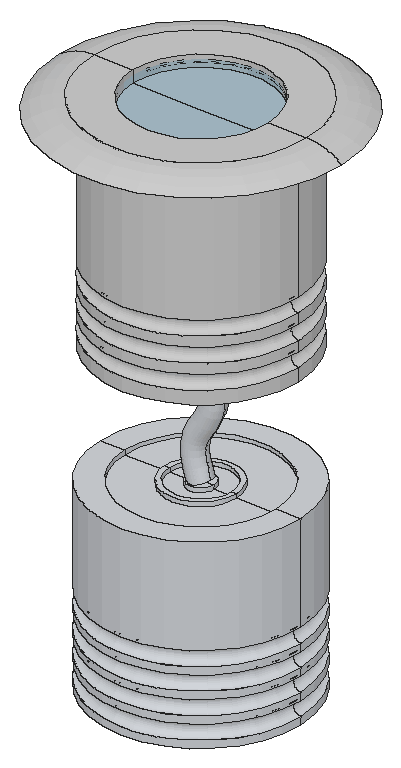
Revit family "SLIM INGROUND 2W SIMETRICO_LKB0126WW.30", category Luminarias, Revit 2019
Family settings
  Cota de conector redondo = Diámetro de uso
  Tipo de pieza = Normal
  Se basa en plano de trabajo = Sí
  Siempre vertical = No
  Corte con vacíos al cargar = No
  Origen de luz = Sí
  Compartido = No
  Punto de cálculo de habitación = No
Parameters (values of type "EMP_LKB0126WW.30")
  Ángulo de inclinación = 30.00°
  Ángulo de enfoque = 30.00°
  Ángulo de campo de foco = 30.00°
  Zone [instance] = ""
  Watt per fixture = 3.2
  Wattage = 3.2 W
  built-in parameter 1150107 = 3000 (stored number, unit not read)
  built-in parameter 1150110 = 1 (stored number, unit not read)
  built-in parameter 1150109 = 1 (stored number, unit not read)
  built-in parameter 1150112 = 1 (stored number, unit not read)
  built-in parameter 1150113 = 1 (stored number, unit not read)
  built-in parameter 1114218 = 1 (stored number, unit not read)
  Keynote = ""
  built-in parameter 1150137 = (empty or 0)
  built-in parameter 1150132 = (empty or 0)
  Modelo = "LKB0126WW.30"
  Lámpara = "OSRAM"
  Longitud de símbolo de origen de luz = 500 mm
  built-in parameter 1150105 = 710.75 (stored number, unit not read)
  built-in parameter 1150102 = (empty or 0)
  built-in parameter 1150106 = 7.1075 (stored number, unit not read)
  Lumens = 109.984 lm
  Color Filter = 16777215
  built-in parameter 1114217 = 1 (stored number, unit not read)
  built-in parameter 1150139 = (empty or 0)
  Fabricante = "BRILLANT"
  Default Elevation = 0 mm
  built-in parameter 1150104 = 3.1931 (stored number, unit not read)
  Descripción = "LUMINARIA TIPO CIRCULAR PARA EMPOTRAR EN PISO CON CUERPO DE ALUMINIO FUNDIDO A PRESION CUBIERTO CON POLVO GRIS OSCURO, CON CUBIERTA DE ACERO INOXIDABLE Y VIDRIO TEMPLADO DE 7MM, INSTALACION EMPOTRABLE EN PISO CON POCO ESPACIO, USO PARA INTERIORES COMO EXTERIORES CON IP 67, CUENTA CON 1 LED TIPO OSRAM CON UNA POTENCIA TOTAL DE 3.2W, A UNA TEMPERATURA EN BLANCO CALIDO 3000K CON 110 LUMENES, 46mA EN CORRIENTE DE OPERACIÓN, IK08, IRC 80, DISPONIBLE PARA ATENUAR EN TRIAC, APERTURA EN 30 GRADOS EN STOCK, ALIMENTADA A 100-240V"
  built-in parameter 1150115 = 1 (stored number, unit not read)
  built-in parameter 1150114 = 1 (stored number, unit not read)
  Comentarios de vataje = "100-240V"
  built-in parameter 1150138 = (empty or 0)
  built-in parameter 1150134 = (empty or 0)
  Circuit [instance] = ""
  Dimming Lamp Color Temperature Shift = (empty or 0)
  built-in parameter 1150133 = 10 (stored number, unit not read)
Reference planes
  plane 1 "Centro (Frontal/Posterior)": y = 0
  plane 2: z = 0
  plane 3 "Centro (Izquierda/Derecha)": x = 0
  plane 4: z = -43
  plane 5: z = -43
Forms (mm)
  Revolve 1, solid, material "Acero Inoxidable"
    sketch origin (0, 0, 0) x (1, 0, 0) y (0, 0, 1)
      loop
        line (-13.888, 2.379) -> (-21.807, 2.379)
        arc (-21.807, 2.379) -> (-25.595, 1.769) -> (-29, 0) r 12.065
        line (-29, 0) -> (-20, 0) -> (-20, -27.422)
        arc (-20, -27.422) -> (-18.501, -28.92) -> (-20, -30.419) r 1.499
        line (-20, -30.419) -> (-20, -32.422)
        arc (-20, -32.422) -> (-18.501, -33.92) -> (-20, -35.419) r 1.499
        line (-20, -35.419) -> (-20, -37.422)
        arc (-20, -37.422) -> (-18.501, -38.92) -> (-20, -40.419) r 1.499
        line (-20, -40.419) -> (-20, -43) -> (0, -43) -> (0, 0) -> (-13.888, 0) -> (-13.888, 2.379)
      axis (0, 2.379) -> (0, -43)
    angle from 0 to 360
  Extrusion 2, solid, material "Cristal"
    sketch origin (0, 0, 0) x (1, 0, 0) y (0, 1, 0)
      loop
        circle (0, 0) r 13.888
    from 0.921 to 1.499
  Revolve 3, solid
    sketch origin (0, 0, 0) x (1, 0, 0) y (0, 0, 1)
      loop
        line (0, -68) -> (-2.74, -68) -> (-2.74, -68.8) -> (-6.359, -68.8) -> (-6.359, -68) -> (-7.33, -68) -> (-7.33, -68.8) -> (-15.5, -68.8) -> (-15.5, -68) -> (-20.5, -68) -> (-20.5, -87.886)
        arc (-20.5, -87.886) -> (-19, -89.386) -> (-20.5, -90.886) r 1.5
        line (-20.5, -90.886) -> (-20.5, -92.386)
        arc (-20.5, -92.386) -> (-19, -93.886) -> (-20.5, -95.386) r 1.5
        line (-20.5, -95.386) -> (-20.5, -96.886)
        arc (-20.5, -96.886) -> (-19, -98.386) -> (-20.5, -99.886) r 1.5
        line (-20.5, -99.886) -> (-20.5, -101.386)
        arc (-20.5, -101.386) -> (-19, -102.886) -> (-20.5, -104.386) r 1.5
        line (-20.5, -104.386) -> (-20.5, -105.886) -> (-5.287, -105.886) -> (-5.287, -106.7) -> (-3.687, -106.7) -> (-3.687, -107.5) -> (0, -107.5) -> (0, -68)
      axis (0, -107.5) -> (0, -68)
    angle from 0 to 360
  Sweep 4, solid
    path origin (0, 0, 0) x (1, 0, 0) y (0, 0, 1)
      loop
        spline (0, -43) -> (1.657, -46.367) -> (2.52, -49.202) -> (2.752, -51.568) -> (2.514, -53.527) -> (1.969, -55.145) -> (1.246, -56.519) -> (0.453, -57.778) -> (-0.303, -59.048) -> (-0.913, -60.464) -> (-1.208, -62.242) -> (-0.975, -64.66) -> (0, -68)
    profile origin (1.246, 0, -56.519) x (0.858036, 0, -0.513589) y (0, -1, 0)
      loop
        circle (0, 0) r 2.272
Dimensions and locks
  level to plane 4 = 43 mm
  plane 2 to plane 5 = 43 mm
  aligned and locked: level to plane 2
Connectors
  electrical at (0, 0, -107.5)
    settings: on Revolve 3, index 1, voltage 240 V, apparent load 0 VA, apparent load phase1 0 VA, apparent load phase2 0 VA, apparent load phase3 0 VA, power factor 1, load classification "Otro", number of poles 1, system type 31, power factor state 1, is connector primary yes, connector utility no, sub classification motor no, connector description ""
